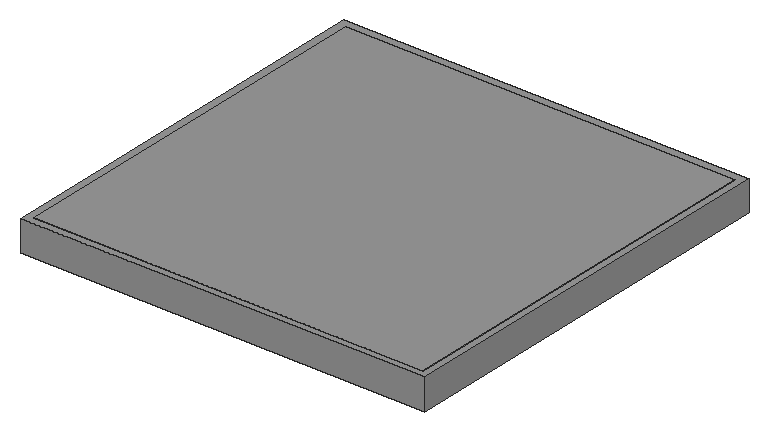
Revit family "ДВО-09 30 Вт Грильято DALI", category Осветительные приборы, Revit 2019 (continued)
Types (6, lengths in mm): name | Эффективность светильника | Файл фотометрической сетки | Тип рассеивателя | Световой поток модуля | built-in parameter 1150142 | Wattage | built-in parameter 1114217 | built-in parameter 1150134 | Lumens | built-in parameter 1150105 | Категория по ограничению яркости | built-in parameter 1150107 | built-in parameter 1150106 | Габаритная яркость | Артикул | URL
    1148.7 1141.0 1132.7 1124.2 1115.2 1105.9 1096.5 1086.6 1076.2 1065.2 1054.2 1042.6 1030.9 1018.7 1006.2 993.3 980.2 966.5 952.8 939.0 924.7 910.3 895.5 880.5 865.0 849.3 833.2 816.8 800.2 783.4 766.4 749.3 732.0 714.6 697.1 679.1 660.9 642.4 623.7 604.6 585.4 566.0 546.5 526.9 507.2 487.3 467.1 446.8 426.5 405.8 385.0 364.5 343.5 322.9 301.9 281.4 260.6 240.4 219.8 200.1 180.2 161.0 141.9 123.4 105.7 88.9 73.1 58.6 45.7 34.3 25.1 18.0 12.9 9.6 7.6 6.6 6.2 6.1 6.2 6.2 6.2 6.2 6.3 6.3 0.0 0.0 0.0 0.0 0.0 0.0 0.0 0.0 0.0 0.0 0.0 0.0 0.0 0.0 0.0 0.0 0.0 0.0 0.0 0.0 0.0 0.0 0.0 0.0 0.0 0.0 0.0 0.0 0.0 0.0 0.0 0.0 0.0 0.0 0.0 0.0 0.0 0.0 0.0 0.0 0.0 0.0 0.0 0.0 0.0 0.0 0.0 0.0 0.0 0.0 0.0 0.0 0.0 0.0 0.0 0.0 0.0 0.0 0.0 0.0 0.0\r\n1213.1 1212.4 1211.4 1209.9 1207.9 1205.4 1202.5 1199.2 1195.4 1191.4 1186.7 1181.5 1176.1 1170.0 1163.6 1156.8 1149.5 1141.8 1133.8 1125.3 1116.3 1106.9 1097.4 1087.3 1076.9 1066.0 1055.1 1043.6 1032.1 1020.1 1007.7 995.1 982.0 968.3 954.5 940.5 926.0 911.6 896.4 881.5 865.6 850.1 833.9 817.7 801.0 784.3 767.3 750.5 733.2 716.1 698.4 680.8 662.5 644.3 625.5 606.7 587.4 568.2 548.4 528.9 509.0 489.1 468.8 448.8 428.2 407.8 387.1 366.6 345.6 325.0 304.0 283.4 262.5 242.3 221.7 201.9 182.0 162.7 143.6 124.9 107.4 90.3 74.6 59.7 46.8 35.2 26.0 18.6 13.5 10.1 7.9 6.9 6.3 6.1 6.2 6.2 6.2 6.2 6.3 6.4 0.0 0.0 0.0 0.0 0.0 0.0 0.0 0.0 0.0 0.0 0.0 0.0 0.0 0.0 0.0 0.0 0.0 0.0 0.0 0.0 0.0 0.0 0.0 0.0 0.0 0.0 0.0 0.0 0.0 0.0 0.0 0.0 0.0 0.0 0.0 0.0 0.0 0.0 0.0 0.0 0.0 0.0 0.0 0.0 0.0 0.0 0.0 0.0 0.0 0.0 0.0 0.0 0.0 0.0 0.0 0.0 0.0 0.0 0.0 0.0 0.0\r\n1213.1 1212.4 1211.2 1209.5 1207.3 1204.6 1201.4 1197.9 1193.9 1189.7 1184.8 1179.6 1173.9 1167.8 1161.1 1154.1 1146.5 1138.6 1130.3 1121.6 1112.5 1102.9 1093.3 1083.0 1072.6 1061.6 1050.5 1038.7 1027.0 1014.6 1002.0 989.0 975.7 961.8 947.9 933.7 919.2 904.6 889.6 874.5 859.0 843.5 827.5 811.2 794.7 777.8 760.8 743.6 726.1 708.5 690.7 672.6 654.3 635.8 617.2 598.2 579.1 559.8 540.3 520.6 500.6 480.7 460.3 440.2 419.4 399.0 378.2 357.6 336.7 316.2 295.3 275.0 254.3 234.4 214.1 194.5 175.0 156.0 137.2 119.1 101.8 85.3 70.0 55.8 43.3 32.6 23.9 17.1 12.4 9.3 7.5 6.7 6.4 6.3 6.4 6.4 6.3 6.4 6.5 6.6 0.0 0.0 0.0 0.0 0.0 0.0 0.0 0.0 0.0 0.0 0.0 0.0 0.0 0.0 0.0 0.0 0.0 0.0 0.0 0.0 0.0 0.0 0.0 0.0 0.0 0.0 0.0 0.0 0.0 0.0 0.0 0.0 0.0 0.0 0.0 0.0 0.0 0.0 0.0 0.0 0.0 0.0 0.0 0.0 0.0 0.0 0.0 0.0 0.0 0.0 0.0 0.0 0.0 0.0 0.0 0.0 0.0 0.0 0.0 0.0 0.0\r\n1213.1 1212.4 1211.0 1209.0 1206.6 1203.8 1200.3 1196.6 1192.3 1187.9 1182.9 1177.6 1171.6 1165.5 1158.5 1151.3 1143.5 1135.3 1126.8 1117.8 1108.6 1098.9 1089.1 1078.7 1068.2 1057.1 1045.8 1033.8 1021.8 1009.1 996.3 982.8 969.3 955.2 941.2 926.8 912.4 897.5 882.7 867.5 852.4 836.8 821.0 804.7 788.4 771.2 754.2 736.6 719.0 700.8 683.0 664.4 646.1 627.2 608.8 589.7 570.8 551.3 532.1 512.2 492.1 472.3 451.8 431.6 410.6 390.1 369.2 348.6 327.7 307.3 286.6 266.5 246.0 226.4 206.4 187.1 167.9 149.3 130.8 113.3 96.2 80.2 65.4 51.9 39.8 29.9 21.7 15.6 11.2 8.5 7.0 6.5 6.4 6.4 6.5 6.6 6.4 6.6 6.7 6.7 0.0 0.0 0.0 0.0 0.0 0.0 0.0 0.0 0.0 0.0 0.0 0.0 0.0 0.0 0.0 0.0 0.0 0.0 0.0 0.0 0.0 0.0 0.0 0.0 0.0 0.0 0.0 0.0 0.0 0.0 0.0 0.0 0.0 0.0 0.0 0.0 0.0 0.0 0.0 0.0 0.0 0.0 0.0 0.0 0.0 0.0 0.0 0.0 0.0 0.0 0.0 0.0 0.0 0.0 0.0 0.0 0.0 0.0 0.0 0.0 0.0\r\n1213.1 1212.5 1211.3 1209.5 1207.5 1205.0 1202.2 1198.8 1194.8 1190.7 1186.0 1181.0 1175.4 1169.1 1162.5 1155.4 1147.9 1140.1 1131.6 1123.0 1114.0 1104.9 1095.6 1085.8 1075.4 1064.4 1053.3 1041.6 1029.7 1017.2 1004.6 991.4 978.3 964.7 951.1 937.4 923.4 908.9 894.5 879.4 864.4 848.5 832.5 815.9 799.4 782.4 765.5 748.1 730.8 713.1 695.7 677.3 659.3 640.5 621.9 602.4 583.3 563.7 544.6 524.8 505.4 485.4 465.4 444.8 424.7 403.8 382.9 362.4 341.4 320.7 299.8 279.3 258.6 238.4 217.9 198.2 178.3 159.2 140.1 121.9 104.0 87.4 71.6 57.5 44.5 33.3 24.2 17.3 12.3 9.1 7.2 6.3 6.1 6.1 6.1 6.2 6.1 6.2 6.3 6.2 0.0 0.0 0.0 0.0 0.0 0.0 0.0 0.0 0.0 0.0 0.0 0.0 0.0 0.0 0.0 0.0 0.0 0.0 0.0 0.0 0.0 0.0 0.0 0.0 0.0 0.0 0.0 0.0 0.0 0.0 0.0 0.0 0.0 0.0 0.0 0.0 0.0 0.0 0.0 0.0 0.0 0.0 0.0 0.0 0.0 0.0 0.0 0.0 0.0 0.0 0.0 0.0 0.0 0.0 0.0 0.0 0.0 0.0 0.0 0.0 0.0\r\n1213.1 1212.5 1211.4 1209.7 1207.7 1205.2 1202.4 1199.0 1195.1 1191.1 1186.4 1181.3 1175.8 1169.6 1163.1 1156.1 1148.7 1141.0 1132.7 1124.2 1115.2 1105.9 1096.5 1086.6 1076.2 1065.2 1054.2 1042.6 1030.9 1018.7 1006.2 993.3 980.2 966.5 952.8 939.0 924.7 910.3 895.5 880.5 865.0 849.3 833.2 816.8 800.2 783.4 766.4 749.3 732.0 714.6 697.1 679.1 660.9 642.4 623.7 604.6 585.4 566.0 546.5 526.9 507.2 487.3 467.1 446.8 426.5 405.8 385.0 364.5 343.5 322.9 301.9 281.4 260.6 240.4 219.8 200.1 180.2 161.0 141.9 123.4 105.7 88.9 73.1 58.6 45.7 34.3 25.1 18.0 12.9 9.6 7.6 6.6 6.2 6.1 6.2 6.2 6.2 6.2 6.3 6.3 0.0 0.0 0.0 0.0 0.0 0.0 0.0 0.0 0.0 0.0 0.0 0.0 0.0 0.0 0.0 0.0 0.0 0.0 0.0 0.0 0.0 0.0 0.0 0.0 0.0 0.0 0.0 0.0 0.0 0.0 0.0 0.0 0.0 0.0 0.0 0.0 0.0 0.0 0.0 0.0 0.0 0.0 0.0 0.0 0.0 0.0 0.0 0.0 0.0 0.0 0.0 0.0 0.0 0.0 0.0 0.0 0.0 0.0 0.0 0.0 0.0\r\n1213.1 1212.4 1211.4 1209.9 1207.9 1205.4 1202.5 1199.2 1195.4 1191.4 1186.7 1181.5 1176.1 1170.0 1163.6 1156.8 1149.5 1141.8 1133.8 1125.3 1116.3 1106.9 1097.4 1087.3 1076.9 1066.0 1055.1 1043.6 1032.1 1020.1 1007.7 995.1 982.0 968.3 954.5 940.5 926.0 911.6 896.4 881.5 865.6 850.1 833.9 817.7 801.0 784.3 767.3 750.5 733.2 716.1 698.4 680.8 662.5 644.3 625.5 606.7 587.4 568.2 548.4 528.9 509.0 489.1 468.8 448.8 428.2 407.8 387.1 366.6 345.6 325.0 304.0 283.4 262.5 242.3 221.7 201.9 182.0 162.7 143.6 124.9 107.4 90.3 74.6 59.7 46.8 35.2 26.0 18.6 13.5 10.1 7.9 6.9 6.3 6.1 6.2 6.2 6.2 6.2 6.3 6.4 0.0 0.0 0.0 0.0 0.0 0.0 0.0 0.0 0.0 0.0 0.0 0.0 0.0 0.0 0.0 0.0 0.0 0.0 0.0 0.0 0.0 0.0 0.0 0.0 0.0 0.0 0.0 0.0 0.0 0.0 0.0 0.0 0.0 0.0 0.0 0.0 0.0 0.0 0.0 0.0 0.0 0.0 0.0 0.0 0.0 0.0 0.0 0.0 0.0 0.0 0.0 0.0 0.0 0.0 0.0 0.0 0.0 0.0 0.0 0.0 0.0\r\n1213.1 1212.4 1211.2 1209.5 1207.3 1204.6 1201.4 1197.9 1193.9 1189.7 1184.8 1179.6 1173.9 1167.8 1161.1 1154.1 1146.5 1138.6 1130.3 1121.6 1112.5 1102.9 1093.3 1083.0 1072.6 1061.6 1050.5 1038.7 1027.0 1014.6 1002.0 989.0 975.7 961.8 947.9 933.7 919.2 904.6 889.6 874.5 859.0 843.5 827.5 811.2 794.7 777.8 760.8 743.6 726.1 708.5 690.7 672.6 654.3 635.8 617.2 598.2 579.1 559.8 540.3 520.6 500.6 480.7 460.3 440.2 419.4 399.0 378.2 357.6 336.7 316.2 295.3 275.0 254.3 234.4 214.1 194.5 175.0 156.0 137.2 119.1 101.8 85.3 70.0 55.8 43.3 32.6 23.9 17.1 12.4 9.3 7.5 6.7 6.4 6.3 6.4 6.4 6.3 6.4 6.5 6.6 0.0 0.0 0.0 0.0 0.0 0.0 0.0 0.0 0.0 0.0 0.0 0.0 0.0 0.0 0.0 0.0 0.0 0.0 0.0 0.0 0.0 0.0 0.0 0.0 0.0 0.0 0.0 0.0 0.0 0.0 0.0 0.0 0.0 0.0 0.0 0.0 0.0 0.0 0.0 0.0 0.0 0.0 0.0 0.0 0.0 0.0 0.0 0.0 0.0 0.0 0.0 0.0 0.0 0.0 0.0 0.0 0.0 0.0 0.0 0.0 0.0\r\n1213.1 1212.4 1211.0 1209.0 1206.6 1203.8 1200.3 1196.6 1192.3 1187.9 1182.9 1177.6 1171.6 1165.5 1158.5 1151.3 1143.5 1135.3 1126.8 1117.8 1108.6 1098.9 1089.1 1078.7 1068.2 1057.1 1045.8 1033.8 1021.8 1009.1 996.3 982.8 969.3 955.2 941.2 926.8 912.4 897.5 882.7 867.5 852.4 836.8 821.0 804.7 788.4 771.2 754.2 736.6 719.0 700.8 683.0 664.4 646.1 627.2 608.8 589.7 570.8 551.3 532.1 512.2 492.1 472.3 451.8 431.6 410.6 390.1 369.2 348.6 327.7 307.3 286.6 266.5 246.0 226.4 206.4 187.1 167.9 149.3 130.8 113.3 96.2 80.2 65.4 51.9 39.8 29.9 21.7 15.6 11.2 8.5 7.0 6.5 6.4 6.4 6.5 6.6 6.4 6.6 6.7 6.7 0.0 0.0 0.0 0.0 0.0 0.0 0.0 0.0 0.0 0.0 0.0 0.0 0.0 0.0 0.0 0.0 0.0 0.0 0.0 0.0 0.0 0.0 0.0 0.0 0.0 0.0 0.0 0.0 0.0 0.0 0.0 0.0 0.0 0.0 0.0 0.0 0.0 0.0 0.0 0.0 0.0 0.0 0.0 0.0 0.0 0.0 0.0 0.0 0.0 0.0 0.0 0.0 0.0 0.0 0.0 0.0 0.0 0.0 0.0 0.0 0.0\r\n1213.1 1212.5 1211.3 1209.5 1207.5 1205.0 1202.2 1198.8 1194.8 1190.7 1186.0 1181.0 1175.4 1169.1 1162.5 1155.4 1147.9 1140.1 1131.6 1123.0 1114.0 1104.9 1095.6 1085.8 1075.4 1064.4 1053.3 1041.6 1029.7 1017.2 1004.6 991.4 978.3 964.7 951.1 937.4 923.4 908.9 894.5 879.4 864.4 848.5 832.5 815.9 799.4 782.4 765.5 748.1 730.8 713.1 695.7 677.3 659.3 640.5 621.9 602.4 583.3 563.7 544.6 524.8 505.4 485.4 465.4 444.8 424.7 403.8 382.9 362.4 341.4 320.7 299.8 279.3 258.6 238.4 217.9 198.2 178.3 159.2 140.1 121.9 104.0 87.4 71.6 57.5 44.5 33.3 24.2 17.3 12.3 9.1 7.2 6.3 6.1 6.1 6.1 6.2 6.1 6.2 6.3 6.2 0.0 0.0 0.0 0.0 0.0 0.0 0.0 0.0 0.0 0.0 0.0 0.0 0.0 0.0 0.0 0.0 0.0 0.0 0.0 0.0 0.0 0.0 0.0 0.0 0.0 0.0 0.0 0.0 0.0 0.0 0.0 0.0 0.0 0.0 0.0 0.0 0.0 0.0 0.0 0.0 0.0 0.0 0.0 0.0 0.0 0.0 0.0 0.0 0.0 0.0 0.0 0.0 0.0 0.0 0.0 0.0 0.0 0.0 0.0 0.0 0.0\r\n1213.1 1212.5 1211.4 1209.7 1207.7 1205.2 1202.4 1199.0 1195.1 1191.1 1186.4 1181.3 1175.8 1169.6 1163.1 1156.1 1148.7 1141.0 1132.7 1124.2 1115.2 1105.9 1096.5 1086.6 1076.2 1065.2 1054.2 1042.6 1030.9 1018.7 1006.2 993.3 980.2 966.5 952.8 939.0 924.7 910.3 895.5 880.5 865.0 849.3 833.2 816.8 800.2 783.4 766.4 749.3 732.0 714.6 697.1 679.1 660.9 642.4 623.7 604.6 585.4 566.0 546.5 526.9 507.2 487.3 467.1 446.8 426.5 405.8 385.0 364.5 343.5 322.9 301.9 281.4 260.6 240.4 219.8 200.1 180.2 161.0 141.9 123.4 105.7 88.9 73.1 58.6 45.7 34.3 25.1 18.0 12.9 9.6 7.6 6.6 6.2 6.1 6.2 6.2 6.2 6.2 6.3 6.3 0.0 0.0 0.0 0.0 0.0 0.0 0.0 0.0 0.0 0.0 0.0 0.0 0.0 0.0 0.0 0.0 0.0 0.0 0.0 0.0 0.0 0.0 0.0 0.0 0.0 0.0 0.0 0.0 0.0 0.0 0.0 0.0 0.0 0.0 0.0 0.0 0.0 0.0 0.0 0.0 0.0 0.0 0.0 0.0 0.0 0.0 0.0 0.0 0.0 0.0 0.0 0.0 0.0 0.0 0.0 0.0 0.0 0.0 0.0 0.0 0.0\r\n1213.1 1212.4 1211.4 1209.9 1207.9 1205.4 1202.5 1199.2 1195.4 1191.4 1186.7 1181.5 1176.1 1170.0 1163.6 1156.8 1149.5 1141.8 1133.8 1125.3 1116.3 1106.9 1097.4 1087.3 1076.9 1066.0 1055.1 1043.6 1032.1 1020.1 1007.7 995.1 982.0 968.3 954.5 940.5 926.0 911.6 896.4 881.5 865.6 850.1 833.9 817.7 801.0 784.3 767.3 750.5 733.2 716.1 698.4 680.8 662.5 644.3 625.5 606.7 587.4 568.2 548.4 528.9 509.0 489.1 468.8 448.8 428.2 407.8 387.1 366.6 345.6 325.0 304.0 283.4 262.5 242.3 221.7 201.9 182.0 162.7 143.6 124.9 107.4 90.3 74.6 59.7 46.8 35.2 26.0 18.6 13.5 10.1 7.9 6.9 6.3 6.1 6.2 6.2 6.2 6.2 6.3 6.4 0.0 0.0 0.0 0.0 0.0 0.0 0.0 0.0 0.0 0.0 0.0 0.0 0.0 0.0 0.0 0.0 0.0 0.0 0.0 0.0 0.0 0.0 0.0 0.0 0.0 0.0 0.0 0.0 0.0 0.0 0.0 0.0 0.0 0.0 0.0 0.0 0.0 0.0 0.0 0.0 0.0 0.0 0.0 0.0 0.0 0.0 0.0 0.0 0.0 0.0 0.0 0.0 0.0 0.0 0.0 0.0 0.0 0.0 0.0 0.0 0.0\r\n1213.1 1212.4 1211.2 1209.5 1207.3 1204.6 1201.4 1197.9 1193.9 1189.7 1184.8 1179.6 1173.9 1167.8 1161.1 1154.1 1146.5 1138.6 1130.3 1121.6 1112.5 1102.9 1093.3 1083.0 1072.6 1061.6 1050.5 1038.7 1027.0 1014.6 1002.0 989.0 975.7 961.8 947.9 933.7 919.2 904.6 889.6 874.5 859.0 843.5 827.5 811.2 794.7 777.8 760.8 743.6 726.1 708.5 690.7 672.6 654.3 635.8 617.2 598.2 579.1 559.8 540.3 520.6 500.6 480.7 460.3 440.2 419.4 399.0 378.2 357.6 336.7 316.2 295.3 275.0 254.3 234.4 214.1 194.5 175.0 156.0 137.2 119.1 101.8 85.3 70.0 55.8 43.3 32.6 23.9 17.1 12.4 9.3 7.5 6.7 6.4 6.3 6.4 6.4 6.3 6.4 6.5 6.6 0.0 0.0 0.0 0.0 0.0 0.0 0.0 0.0 0.0 0.0 0.0 0.0 0.0 0.0 0.0 0.0 0.0 0.0 0.0 0.0 0.0 0.0 0.0 0.0 0.0 0.0 0.0 0.0 0.0 0.0 0.0 0.0 0.0 0.0 0.0 0.0 0.0 0.0 0.0 0.0 0.0 0.0 0.0 0.0 0.0 0.0 0.0 0.0 0.0 0.0 0.0 0.0 0.0 0.0 0.0 0.0 0.0 0.0 0.0 0.0 0.0\r\n1213.1 1212.4 1211.0 1209.0 1206.6 1203.8 1200.3 1196.6 1192.3 1187.9 1182.9 1177.6 1171.6 1165.5 1158.5 1151.3 1143.5 1135.3 1126.8 1117.8 1108.6 1098.9 1089.1 1078.7 1068.2 1057.1 1045.8 1033.8 1021.8 1009.1 996.3 982.8 969.3 955.2 941.2 926.8 912.4 897.5 882.7 867.5 852.4 836.8 821.0 804.7 788.4 771.2 754.2 736.6 719.0 700.8 683.0 664.4 646.1 627.2 608.8 589.7 570.8 551.3 532.1 512.2 492.1 472.3 451.8 431.6 410.6 390.1 369.2 348.6 327.7 307.3 286.6 266.5 246.0 226.4 206.4 187.1 167.9 149.3 130.8 113.3 96.2 80.2 65.4 51.9 39.8 29.9 21.7 15.6 11.2 8.5 7.0 6.5 6.4 6.4 6.5 6.6 6.4 6.6 6.7 6.7 0.0 0.0 0.0 0.0 0.0 0.0 0.0 0.0 0.0 0.0 0.0 0.0 0.0 0.0 0.0 0.0 0.0 0.0 0.0 0.0 0.0 0.0 0.0 0.0 0.0 0.0 0.0 0.0 0.0 0.0 0.0 0.0 0.0 0.0 0.0 0.0 0.0 0.0 0.0 0.0 0.0 0.0 0.0 0.0 0.0 0.0 0.0 0.0 0.0 0.0 0.0 0.0 0.0 0.0 0.0 0.0 0.0 0.0 0.0 0.0 0.0\r\n1213.1 1212.5 1211.3 1209.5 1207.5 1205.0 1202.2 1198.8 1194.8 1190.7 1186.0 1181.0 1175.4 1169.1 1162.5 1155.4 1147.9 1140.1 1131.6 1123.0 1114.0 1104.9 1095.6 1085.8 1075.4 1064.4 1053.3 1041.6 1029.7 1017.2 1004.6 991.4 978.3 964.7 951.1 937.4 923.4 908.9 894.5 879.4 864.4 848.5 832.5 815.9 799.4 782.4 765.5 748.1 730.8 713.1 695.7 677.3 659.3 640.5 621.9 602.4 583.3 563.7 544.6 524.8 505.4 485.4 465.4 444.8 424.7 403.8 382.9 362.4 341.4 320.7 299.8 279.3 258.6 238.4 217.9 198.2 178.3 159.2 140.1 121.9 104.0 87.4 71.6 57.5 44.5 33.3 24.2 17.3 12.3 9.1 7.2 6.3 6.1 6.1 6.1 6.2 6.1 6.2 6.3 6.2 0.0 0.0 0.0 0.0 0.0 0.0 0.0 0.0 0.0 0.0 0.0 0.0 0.0 0.0 0.0 0.0 0.0 0.0 0.0 0.0 0.0 0.0 0.0 0.0 0.0 0.0 0.0 0.0 0.0 0.0 0.0 0.0 0.0 0.0 0.0 0.0 0.0 0.0 0.0 0.0 0.0 0.0 0.0 0.0 0.0 0.0 0.0 0.0 0.0 0.0 0.0 0.0 0.0 0.0 0.0 0.0 0.0 0.0 0.0 0.0 0.0\r\n1213.1 1212.5 1211.4 1209.7 1207.7 1205.2 1202.4 1199.0 1195.1 1191.1 1186.4 1181.3 1175.8 1169.6 1163.1 1156.1 1148.7 1141.0 1132.7 1124.2 1115.2 1105.9 1096.5 1086.6 1076.2 1065.2 1054.2 1042.6 1030.9 1018.7 1006.2 993.3 980.2 966.5 952.8 939.0 924.7 910.3 895.5 880.5 865.0 849.3 833.2 816.8 800.2 783.4 766.4 749.3 732.0 714.6 697.1 679.1 660.9 642.4 623.7 604.6 585.4 566.0 546.5 526.9 507.2 487.3 467.1 446.8 426.5 405.8 385.0 364.5 343.5 322.9 301.9 281.4 260.6 240.4 219.8 200.1 180.2 161.0 141.9 123.4 105.7 88.9 73.1 58.6 45.7 34.3 25.1 18.0 12.9 9.6 7.6 6.6 6.2 6.1 6.2 6.2 6.2 6.2 6.3 6.3 0.0 0.0 0.0 0.0 0.0 0.0 0.0 0.0 0.0 0.0 0.0 0.0 0.0 0.0 0.0 0.0 0.0 0.0 0.0 0.0 0.0 0.0 0.0 0.0 0.0 0.0 0.0 0.0 0.0 0.0 0.0 0.0 0.0 0.0 0.0 0.0 0.0 0.0 0.0 0.0 0.0 0.0 0.0 0.0 0.0 0.0 0.0 0.0 0.0 0.0 0.0 0.0 0.0 0.0 0.0 0.0 0.0 0.0 0.0 0.0 0.0\r\n1213.1 1212.4 1211.4 1209.9 1207.9 1205.4 1202.5 1199.2 1195.4 1191.4 1186.7 1181.5 1176.1 1170.0 1163.6 1156.8 1149.5 1141.8 1133.8 1125.3 1116.3 1106.9 1097.4 1087.3 1076.9 1066.0 1055.1 1043.6 1032.1 1020.1 1007.7 995.1 982.0 968.3 954.5 940.5 926.0 911.6 896.4 881.5 865.6 850.1 833.9 817.7 801.0 784.3 767.3 750.5 733.2 716.1 698.4 680.8 662.5 644.3 625.5 606.7 587.4 568.2 548.4 528.9 509.0 489.1 468.8 448.8 428.2 407.8 387.1 366.6 345.6 325.0 304.0 283.4 262.5 242.3 221.7 201.9 182.0 162.7 143.6 124.9 107.4 90.3 74.6 59.7 46.8 35.2 26.0 18.6 13.5 10.1 7.9 6.9 6.3 6.1 6.2 6.2 6.2 6.2 6.3 6.4 0.0 0.0 0.0 0.0 0.0 0.0 0.0 0.0 0.0 0.0 0.0 0.0 0.0 0.0 0.0 0.0 0.0 0.0 0.0 0.0 0.0 0.0 0.0 0.0 0.0 0.0 0.0 0.0 0.0 0.0 0.0 0.0 0.0 0.0 0.0 0.0 0.0 0.0 0.0 0.0 0.0 0.0 0.0 0.0 0.0 0.0 0.0 0.0 0.0 0.0 0.0 0.0 0.0 0.0 0.0 0.0 0.0 0.0 0.0 0.0 0.0\r\n1213.1 1212.4 1211.2 1209.5 1207.3 1204.6 1201.4 1197.9 1193.9 1189.7 1184.8 1179.6 1173.9 1167.8 1161.1 1154.1 1146.5 1138.6 1130.3 1121.6 1112.5 1102.9 1093.3 1083.0 1072.6 1061.6 1050.5 1038.7 1027.0 1014.6 1002.0 989.0 975.7 961.8 947.9 933.7 919.2 904.6 889.6 874.5 859.0 843.5 827.5 811.2 794.7 777.8 760.8 743.6 726.1 708.5 690.7 672.6 654.3 635.8 617.2 598.2 579.1 559.8 540.3 520.6 500.6 480.7 460.3 440.2 419.4 399.0 378.2 357.6 336.7 316.2 295.3 275.0 254.3 234.4 214.1 194.5 175.0 156.0 137.2 119.1 101.8 85.3 70.0 55.8 43.3 32.6 23.9 17.1 12.4 9.3 7.5 6.7 6.4 6.3 6.4 6.4 6.3 6.4 6.5 6.6 0.0 0.0 0.0 0.0 0.0 0.0 0.0 0.0 0.0 0.0 0.0 0.0 0.0 0.0 0.0 0.0 0.0 0.0 0.0 0.0 0.0 0.0 0.0 0.0 0.0 0.0 0.0 0.0 0.0 0.0 0.0 0.0 0.0 0.0 0.0 0.0 0.0 0.0 0.0 0.0 0.0 0.0 0.0 0.0 0.0 0.0 0.0 0.0 0.0 0.0 0.0 0.0 0.0 0.0 0.0 0.0 0.0 0.0 0.0 0.0 0.0\r\n1213.1 1212.4 1211.0 1209.0 1206.6 1203.8 1200.3 1196.6 1192.3 1187.9 1182.9 1177.6 1171.6 1165.5 1158.5 1151.3 1143.5 1135.3 1126.8 1117.8 1108.6 1098.9 1089.1 1078.7 1068.2 1057.1 1045.8 1033.8 1021.8 1009.1 996.3 982.8 969.3 955.2 941.2 926.8 912.4 897.5 882.7 867.5 852.4 836.8 821.0 804.7 788.4 771.2 754.2 736.6 719.0 700.8 683.0 664.4 646.1 627.2 608.8 589.7 570.8 551.3 532.1 512.2 492.1 472.3 451.8 431.6 410.6 390.1 369.2 348.6 327.7 307.3 286.6 266.5 246.0 226.4 206.4 187.1 167.9 149.3 130.8 113.3 96.2 80.2 65.4 51.9 39.8 29.9 21.7 15.6 11.2 8.5 7.0 6.5 6.4 6.4 6.5 6.6 6.4 6.6 6.7 6.7 0.0 0.0 0.0 0.0 0.0 0.0 0.0 0.0 0.0 0.0 0.0 0.0 0.0 0.0 0.0 0.0 0.0 0.0 0.0 0.0 0.0 0.0 0.0 0.0 0.0 0.0 0.0 0.0 0.0 0.0 0.0 0.0 0.0 0.0 0.0 0.0 0.0 0.0 0.0 0.0 0.0 0.0 0.0 0.0 0.0 0.0 0.0 0.0 0.0 0.0 0.0 0.0 0.0 0.0 0.0 0.0 0.0 0.0 0.0 0.0 0.0\r\n1213.1 1212.5 1211.3 1209.5 1207.5 1205.0 
